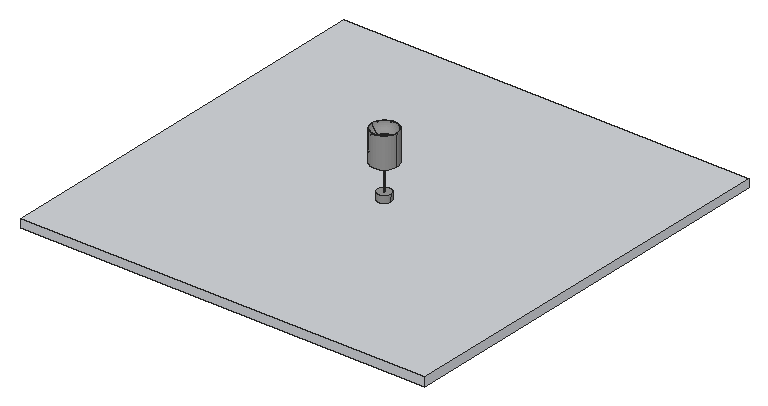
Revit family "LAMP_KOMBIC 150 SURFACE 2000 CRI80 OPAL", category Luminarias, Revit 2018
Family settings
  Anfitrión = Cara
  Cota de conector redondo = Diámetro de uso
  Tipo de pieza = Normal
  Corte con vacíos al cargar = No
  Origen de luz = Sí
  Compartido = No
  Punto de cálculo de habitación = No
Parameters (values of type "1427LM 3000K  M/B")
  Ángulo de inclinación = -90.00°
  Weight = 1.478 kg
  UGR = ""
  Type = "COB PHILIPS"
  Protection rating = "IP40"
  Product datasheet = "http://www.lamp.es/product-files/TECH/K21SF2040OP830NMB-EN.pdf"
  Product code = "K21SF2040OP830NMB"
  Product URL = "https://www.lamp.es/en/family/kombic-surface_474354"
  Power Supply = "220-240V 50/60Hz"
  Power = 12 W
  Plum = 14.1 W
  Modelo = Product code  # "K21SF2040OP830NMB"
  Model explanation = "Possibility of chossing between surface or suspended within the model"
  Material reflector = LAMP_PC Reflector Kombic Metalizado Mate
  Material floron = LAMP_Plástico genérico NG
  Material difusor = LAMP_PMMA Difusor Kombic
  Material cuerpo = LAMP_Plástico genérico NG
  Material cable suspension = LAMP_Acero genérico
  Manufacturer name = "LAMP"
  Manufacturer country = "Spain"
  Manufacturer URL = "http://www.lamp.es/en"
  MacAdam = "3"
  Luminaire type = "Suspended"
  Last update = "02/09/2021"
  Lamp = "COB LED"
  LED Lifetime = "50.000 L90 B10"
  Insulation class = "II"
  Installation instructions = "https://www.lamp.es/product-files/packed/by-family/474354_INS_all.zip"
  IEE = "A+"
  Height suspension [instance] = 200 mm
  Height distance [instance] = if(Surface, 0.1 mm, if(Ceiling rose, if(Height suspension > 38 mm, if(Height suspension < 2000 mm, Height suspension, 2000 mm), 38 mm), 37 mm))  # 200 mm
  Wattage = 14.1 W
  built-in parameter 1150107 = 3000 (stored number, unit not read)
  Surface [instance] = no
  built-in parameter 1150110 = 1 (stored number, unit not read)
  built-in parameter 1150109 = 1 (stored number, unit not read)
  built-in parameter 1150112 = 1 (stored number, unit not read)
  built-in parameter 1150113 = 1 (stored number, unit not read)
  built-in parameter 1114218 = 1 (stored number, unit not read)
  built-in parameter 1150137 = (empty or 0)
  built-in parameter 1150132 = 2
  built-in parameter 1150105 = 113.55 (stored number, unit not read)
  built-in parameter 1150102 = (empty or 0)
  built-in parameter 1150106 = 1.1355 (stored number, unit not read)
  Height = 180 mm
  Gear = "Electronic"
  Lumens = 1426.92 lm
  Finish = "Matte black RAL 9011"
  Color Filter = 16777215
  built-in parameter 1114217 = 1 (stored number, unit not read)
  built-in parameter 1150139 = (empty or 0)
  Fabricante = Manufacturer name  # "LAMP"
  Default Elevation = 1219.2 mm
  built-in parameter 1150104 = 9.4018 (stored number, unit not read)
  Efficacy = 101.2 lm/W
  Diameter = 150 mm
  built-in parameter 1150115 = 1 (stored number, unit not read)
  built-in parameter 1150114 = 1 (stored number, unit not read)
  built-in parameter 1150138 = (empty or 0)
  built-in parameter 1150134 = (empty or 0)
  Ceiling rose [instance] = not(Surface)  # yes
  Dimming Lamp Color Temperature Shift = (empty or 0)
  CRI = "80"
  Archivo de red fotométrica = "K21SF2040OP830NMB.IES"
  built-in parameter 1150133 = 10 (stored number, unit not read)
Types (12, lengths in mm): name | Product datasheet | Product code | Modelo | Material reflector | Material floron | Material cuerpo | built-in parameter 1150107 | built-in parameter 1150105 | built-in parameter 1150106 | Lumens | Finish | built-in parameter 1150104 | Efficacy | built-in parameter 1150134 | Archivo de red fotométrica
  1427LM 3000K  M/B | "http://www.lamp.es/product-files/TECH/K21SF2040OP830NMB-EN.pdf" | "K21SF2040OP830NMB" | "K21SF2040OP830NMB" | LAMP_PC Reflector Kombic Metalizado Mate | LAMP_Plástico genérico NG | LAMP_Plástico genérico NG | 3000 (stored number, unit not read) | 113.55 (stored number, unit not read) | 1.1355 (stored number, unit not read) | 1426.92 lm | "Matte black RAL 9011" | 9.4018 (stored number, unit not read) | 101.2 lm/W | (empty or 0) | "K21SF2040OP830NMB.IES"
  1427LM 3000K  M/W | "http://www.lamp.es/product-files/TECH/K21SF2040OP830NMW-EN.pdf" | "K21SF2040OP830NMW" | "K21SF2040OP830NMW" | LAMP_PC Reflector Kombic Metalizado Mate | LAMP_Plástico genérico BL | LAMP_Plástico genérico BL | 3000 (stored number, unit not read) | 113.55 (stored number, unit not read) | 1.1355 (stored number, unit not read) | 1426.92 lm | "Matte white RAL 9010" | 9.4018 (stored number, unit not read) | 101.2 lm/W | (empty or 0) | "K21SF2040OP830NMW.IES"
  1473LM 3000K  W/B | "http://www.lamp.es/product-files/TECH/K21SF2040OP830NWB-EN.pdf" | "K21SF2040OP830NWB" | "K21SF2040OP830NWB" | LAMP_PC Reflector Kombic Blanco | LAMP_Plástico genérico NG | LAMP_Plástico genérico NG | 3000 (stored number, unit not read) | 117.14 (stored number, unit not read) | 1.1714 (stored number, unit not read) | 1472.04 lm | "Matte black RAL 9011" | 9.6991 (stored number, unit not read) | 104.4 lm/W | (empty or 0) | "K21SF2040OP830NWB.IES"
  1473LM 3000K  W/W | "http://www.lamp.es/product-files/TECH/K21SF2040OP830NWW-EN.pdf" | "K21SF2040OP830NWW" | "K21SF2040OP830NWW" | LAMP_PC Reflector Kombic Blanco | LAMP_Plástico genérico BL | LAMP_Plástico genérico BL | 3000 (stored number, unit not read) | 117.14 (stored number, unit not read) | 1.1714 (stored number, unit not read) | 1472.04 lm | "Matte white RAL 9010" | 9.6991 (stored number, unit not read) | 104.4 lm/W | (empty or 0) | "K21SF2040OP830NWW.IES"
  1486LM 4000K  M/B | "http://www.lamp.es/product-files/TECH/K21SF2040OP840NMB-EN.pdf" | "K21SF2040OP840NMB" | "K21SF2040OP840NMB" | LAMP_PC Reflector Kombic Metalizado Mate | LAMP_Plástico genérico NG | LAMP_Plástico genérico NG | 4000 (stored number, unit not read) | 118.26 (stored number, unit not read) | 1.1826 (stored number, unit not read) | 1486.14 lm | "Matte black RAL 9011" | 9.792 (stored number, unit not read) | 105.4 lm/W | 12 | "K21SF2040OP840NMB.IES"
  1486LM 4000K  M/W | "http://www.lamp.es/product-files/TECH/K21SF2040OP840NMW-EN.pdf" | "K21SF2040OP840NMW" | "K21SF2040OP840NMW" | LAMP_PC Reflector Kombic Metalizado Mate | LAMP_Plástico genérico BL | LAMP_Plástico genérico BL | 4000 (stored number, unit not read) | 118.26 (stored number, unit not read) | 1.1826 (stored number, unit not read) | 1486.14 lm | "Matte white RAL 9010" | 9.792 (stored number, unit not read) | 105.4 lm/W | 12 | "K21SF2040OP840NMW.IES"
  1488LM 3000K  BR/B | "http://www.lamp.es/product-files/TECH/K21SF2040OP830NRB-EN.pdf" | "K21SF2040OP830NRB" | "K21SF2040OP830NRB" | LAMP_PC Reflector Kombic Metalizado Brillante | LAMP_Plástico genérico NG | LAMP_Plástico genérico NG | 3000 (stored number, unit not read) | 118.49 (stored number, unit not read) | 1.1849 (stored number, unit not read) | 1488.96 lm | "Matte black RAL 9011" | 9.8106 (stored number, unit not read) | 105.6 lm/W | (empty or 0) | "K21SF2040OP830NRB.IES"
  1488LM 3000K  BR/W | "http://www.lamp.es/product-files/TECH/K21SF2040OP830NRW-EN.pdf" | "K21SF2040OP830NRW" | "K21SF2040OP830NRW" | LAMP_PC Reflector Kombic Metalizado Brillante | LAMP_Plástico genérico BL | LAMP_Plástico genérico BL | 3000 (stored number, unit not read) | 118.49 (stored number, unit not read) | 1.1849 (stored number, unit not read) | 1488.96 lm | "Matte white RAL 9010" | 9.8106 (stored number, unit not read) | 105.6 lm/W | (empty or 0) | "K21SF2040OP830NRW.IES"
  1534LM 4000K  W/B | "http://www.lamp.es/product-files/TECH/K21SF2040OP840NWB-EN.pdf" | "K21SF2040OP840NWB" | "K21SF2040OP840NWB" | LAMP_PC Reflector Kombic Blanco | LAMP_Plástico genérico NG | LAMP_Plástico genérico NG | 4000 (stored number, unit not read) | 122.08 (stored number, unit not read) | 1.2208 (stored number, unit not read) | 1534.08 lm | "Matte black RAL 9011" | 10.108 (stored number, unit not read) | 108.8 lm/W | 12 | "K21SF2040OP840NWB.IES"
  1534LM 4000K  W/W | "http://www.lamp.es/product-files/TECH/K21SF2040OP840NWW-EN.pdf" | "K21SF2040OP840NWW" | "K21SF2040OP840NWW" | LAMP_PC Reflector Kombic Blanco | LAMP_Plástico genérico BL | LAMP_Plástico genérico BL | 4000 (stored number, unit not read) | 122.08 (stored number, unit not read) | 1.2208 (stored number, unit not read) | 1534.08 lm | "Matte white RAL 9010" | 10.108 (stored number, unit not read) | 108.8 lm/W | 12 | "K21SF2040OP840NWW.IES"
  1550LM 4000K  BR/B | "http://www.lamp.es/product-files/TECH/K21SF2040OP840NRB-EN.pdf" | "K21SF2040OP840NRB" | "K21SF2040OP840NRB" | LAMP_PC Reflector Kombic Metalizado Brillante | LAMP_Plástico genérico NG | LAMP_Plástico genérico NG | 3000 (stored number, unit not read) | 123.42 (stored number, unit not read) | 1.2342 (stored number, unit not read) | 1551 lm | "Matte black RAL 9011" | 10.219 (stored number, unit not read) | 110 lm/W | (empty or 0) | "K21SF2040OP840NRB.IES"
  1550LM 4000K  BR/W | "http://www.lamp.es/product-files/TECH/K21SF2040OP840NRW-EN.pdf" | "K21SF2040OP840NRW" | "K21SF2040OP840NRW" | LAMP_PC Reflector Kombic Metalizado Brillante | LAMP_Plástico genérico BL | LAMP_Plástico genérico BL | 4000 (stored number, unit not read) | 123.42 (stored number, unit not read) | 1.2342 (stored number, unit not read) | 1551 lm | "Matte white RAL 9010" | 10.219 (stored number, unit not read) | 110 lm/W | 12 | "K21SF2040OP840NRW.IES"
Reference planes
  plane 1 "Centro (Frontal/Posterior)": y = 0
  plane 2: z = 0
  plane 3 "Centro (Izquierda/Derecha)": x = 0
Forms (mm)
  Extrusion 1, solid
    sketch origin (0, 0, 0) x (1, 0, 0) y (0, 1, 0)
      loop
        line (-1219.2, 1219.2) -> (-1219.2, -1219.2) -> (1219.2, -1219.2) -> (1219.2, 1219.2) -> (-1219.2, 1219.2)
    from 0 to -50
  Extrusion 2, solid, material "LAMP_Plástico genérico NG" <- "Material cuerpo"
    sketch origin (0, 0, 0) x (1, 0, 0) y (0, 1, 0)
      loop
        circle (0, 0) r 77.5
    from 200 to 380
  Extrusion 3, void
    sketch origin (0, 0, 0) x (1, 0, 0) y (0, 1, 0)
      loop
        circle (0, 0) r 76.5
    from 270.588 to 380
  Sweep 4, solid, material "LAMP_PC Reflector Kombic Metalizado Mate" <- "Material reflector"
    path origin (105.103, -251.845, 380) x (1, 0, 0) y (0, 1, 0)
      loop
        circle (-105.103, 251.959) r 48
    profile origin (0, 48.114, 380) x (0, -1, 0) y (0, 0, 1)
      loop
        arc (-28.386, 0) -> (-15.5, -31.664) -> (14.364, -48.3) r 51.542
        line (14.364, -48.3) -> (14.364, -47.3)
        arc (14.364, -47.3) -> (-14.949, -31.098) -> (-27.386, 0) r 49.836
        line (-27.386, 0) -> (-28.386, 0)
  Extrusion 5, solid, material "LAMP_PMMA Difusor Kombic" <- "Material difusor"
    sketch origin (0, 0, 0) x (1, 0, 0) y (0, 1, 0)
      loop
        circle (0, 0) r 33.636
    from 331.7 to 332.7
  Extrusion 6, solid, material "LAMP_Plástico genérico NG" <- "Material floron", visible <- "Ceiling rose"
    sketch origin (0, 0, 0) x (1, 0, 0) y (0, 1, 0)
      loop
        circle (0, 0) r 42
    from 0 to 37
  Extrusion 7, solid, material "LAMP_Acero genérico" <- "Material cable suspension", visible <- "Ceiling rose"
    sketch origin (0, 0, 0) x (1, 0, 0) y (0, 1, 0)
      loop
        circle (0, 0) r 1
    from 37 to 200
Cuts and joins
  Extrusion 3 cuts Extrusion 2
Text (mm)
  text "Any modification of the parameters and properties of the LAMP BIM models must be executed and validated by the LAMP technical department.\nPhone: +34 93 736 68 00\nE-mail: lamp@lamp.es\n\nLAMP reserves the right to modify the technical specifications of its products." at (1856.491, -4316.333, -2622.127), in view "Preview"
Dimensions and locks
  "Height distance": Extrusion 2 to Extrusion 1
  locked: Extrusion 2 to Extrusion 2 at 180
  locked: cut or joined group of Extrusion 2, Extrusion 3 to cut or joined group of Extrusion 2, Extrusion 3 at 109.412
  aligned and locked: plane 2 to Extrusion 1
  aligned and locked: level to Extrusion 1
  aligned and locked: Extrusion 2 to Extrusion 3
  aligned and locked: Extrusion 7 to Extrusion 6
  aligned and locked: Extrusion 7 to cut or joined group of Extrusion 2, Extrusion 3
  aligned and locked: imposter light to cut or joined group of Extrusion 2, Extrusion 3
  aligned and locked: Extrusion 5 to Sweep 4  (x2)
Automatic sketch dimensions
  Extrusion 1 sketch curve to Extrusion 1 sketch curve = 2438.4 mm  (x2)
  plane 1 "Centro (Frontal/Posterior)" to Extrusion 2 sketch curve = 0 mm
  Extrusion 2 sketch curve to plane 3 "Centro (Izquierda/Derecha)" = 0 mm
  plane 1 "Centro (Frontal/Posterior)" to Extrusion 3 sketch curve = 0 mm
  Extrusion 3 sketch curve to plane 3 "Centro (Izquierda/Derecha)" = 0 mm
  plane 1 "Centro (Frontal/Posterior)" to Extrusion 6 sketch curve = 0 mm
  Extrusion 6 sketch curve to plane 3 "Centro (Izquierda/Derecha)" = 0 mm
  plane 1 "Centro (Frontal/Posterior)" to Extrusion 7 sketch curve = 0 mm
  Extrusion 7 sketch curve to plane 3 "Centro (Izquierda/Derecha)" = 0 mm
  Sweep 4 sketch curve to profile plane = 0 mm
  profile plane to Sweep 4 sketch curve = 28.386 mm
  profile plane to Sweep 4 sketch curve = 1.881 mm
  Sweep 4 sketch curve to profile plane = 22.414 mm
  Sweep 4 sketch curve to Sweep 4 sketch curve = 0.681 mm
  Sweep 4 sketch curve to Sweep 4 sketch curve = 1 mm  (x2)
  Sweep 4 sketch curve to profile plane = 14.364 mm
  plane 1 "Centro (Frontal/Posterior)" to Extrusion 5 sketch curve = 0 mm
  Extrusion 5 sketch curve to plane 3 "Centro (Izquierda/Derecha)" = 0 mm
  radius of Extrusion 2 sketch curve = 77.5 mm
  radius of Extrusion 3 sketch curve = 76.5 mm
  radius of Sweep 4 sketch curve = 48 mm
  radius of Extrusion 6 sketch curve = 42 mm
  radius of Extrusion 7 sketch curve = 1 mm
  radius of Extrusion 5 sketch curve = 33.636 mm
Connectors
  electrical at (0, 0, 200)
    settings: on cut or joined group of Extrusion 2, Extrusion 3, index 1, voltage 230 V, apparent load 0 VA, apparent load phase1 0 VA, apparent load phase2 0 VA, apparent load phase3 0 VA, power factor 1, load classification "Otro", number of poles 1, system type 31, power factor state 1, is connector primary yes, connector utility no, sub classification motor no, connector description ""
